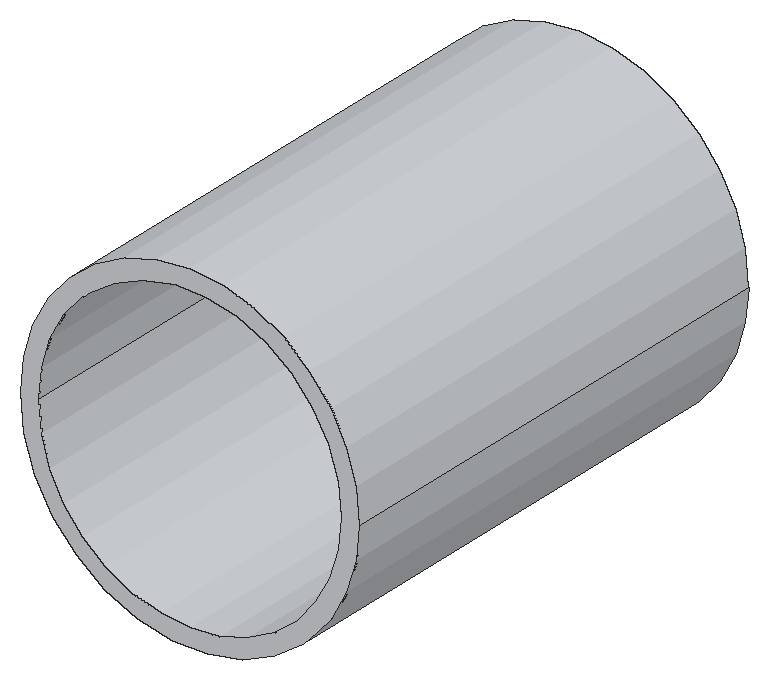
Revit family "SC2B", category Generic Models, Revit 2017
Family settings
  Can host rebar = No
  Round Connector Dimension = Use Diameter
  Part Type = Normal
  Work Plane-Based = Yes
  Always vertical = No
  Cut with Voids When Loaded = No
  Shared = No
  Room Calculation Point = No
Parameters (values of type "NBS Standard Parameters")
  Weight = "0.0473Kg"
  WarrantyStartDate [instance] = "1900-12-31T23:59:59"
  WarrantyGuarantorParts = "n/a"
  WarrantyGuarantorLabor = "n/a"
  WarrantyDurationUnit = "1 year"
  WarrantyDurationParts = "n/a"
  WarrantyDurationLabor = "n/a"
  WarrantyDescription = "n/a"
  Version = "1"
  Uniclass2 = "Pr-65_30_11_20"
  TagNumber [instance] = "n/a"
  SustainabilityPerformance = "n/a"
  Size = "25mm"
  Shape = "Circular"
  SerialNumber [instance] = "n/a"
  Revision = "n/a"
  ReplacementCost = "n/a"
  ProductInformation = "www.metpro.co.uk/pdf/sc2g.pdf"
  NominalWidth = 28 mm
  NominalLength = 28 mm
  NominalHeight = 40 mm
  Name = ""
  NBSTypeID = ""
  NBSReference = "90-55-10/460"
  NBSOfficeMasterTag = ""
  NBSNote = ""
  NBSDescription = "Conduit Fittings"
  NBSCertification = ""
  ModelReference = "SC2B"
  ModelNumber = "n/a"
  Material = "Steel"
  ManufacturerURL = "www.metpro.co.uk"
  ManufacturerName = "Metpro Ltd"
  InstallationDate [instance] = "1900-12-31T23:59:59"
  IfcExportType = ""
  IfcExportAs = ""
  Grade = "n/a"
  Finish = "Black"
  Features = "n/a"
  ExpectedLife = "n/a"
  DurationUnit = "year"
  Description = "SC2B - 25mm Conduit solid Coupler"
  Default Elevation = 1219.2 mm
  Constituents = "n/a"
  Color = "n/a"
  CodePerformance = "n/a"
  Category = "n/a"
  BarCode [instance] = "n/a"
  BIMObjectName = "metpro_metprolibrary_conduitfittings_metalcomponent_steelaccessories"
  Author = "Metpro Ltd"
  AssetType = ""
  AssetIdentifier [instance] = "n/a"
  AccessibilityPerformance = "n/a"
Reference planes
  plane 1 "Center (Front/Back)": y = 0
  plane 2: z = 0
  plane 3 "Center (Left/Right)": x = 0
Forms (mm)
  Extrusion 1, solid
    sketch origin (224, 5.586, 25.952) x (-1, 0, 0) y (0, 0, 1)
      loop
        circle (210, 20) r 12.5
      loop
        circle (210, 20) r 14
    from 0 to 40
Dimensions and locks
  aligned and locked: level to plane 2
